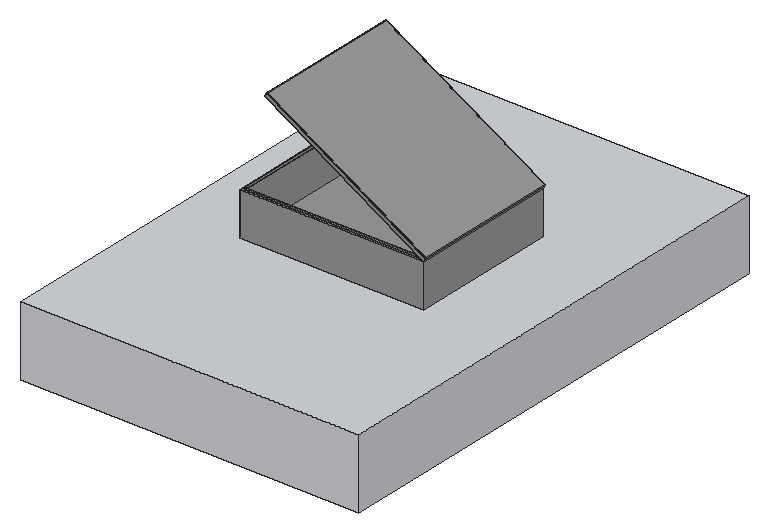
Revit family "Hager-Univers-IP44-D205-H650-Cl.I-Encl-CH-it", category Equipement électrique, Revit 2020
Family settings
  Hôte = Face
  Configuration du panneau = Deux colonnes, circuits au sein
  Cote de connecteur circulaire = Utiliser le diamètre
  Type d'élément = Tableau de raccordement
  Couper avec des vides une fois chargée = Non
  Partagée = Non
  Point de calcul de pièce = Non
Parameters (values of type "A parete IP44 L800 A650 P205  - FP43TN2")
  Width Control [instance] = if([EF000008 - Larghezza] > Min Width, [EF000008 - Larghezza], Min Width)  # 800 mm
  Commentaires du type = [HG000003 - Gamma]  # "Univers"
  Thickness Door [instance] = if([EF009171 - spessore materiale porta/coperchio] > 3 mm, 3 mm, [EF009171 - spessore materiale porta/coperchio])  # 1 mm
  Seal Frame Offset [instance] = 17 mm  # constant formula
  Plinth Visibility [instance] = [HG000027 - Altezza dello zoccolo] > 0 mm  # no
  Model = ""
  Min Width [instance] = 100 mm  # constant formula
  Min Height [instance] = 100 mm  # constant formula
  Min Depth [instance] = (2 * [EF009170 - spessore materiale scatola]) + 1 mm  # 3 mm
  Internal Frame Depth [instance] = (Door System Depth * 0.5)  # 9 mm
  Height Control [instance] = if([EF000040 - Altezza] > Min Height, [EF000040 - Altezza], Min Height)  # 650 mm
  HG000027 - Altezza dello zoccolo = 0 mm
  HG000026 - A pavimento = no
  HG000024 - Altezza della sezione inferiore = 800 mm
  HG000023 - Custodia a doppia sezione = no
  HG000016 - Visibilità delle porte nella vista 3D [instance] = yes
  HG000015 - Visibilità attraverso la porta [instance] = no
  HG000014 - Porta destra [instance] = yes
  HG000013 - Porta sinistra [instance] = not([HG000014 - Porta destra])  # no
  HG000012 - Angolo di apertura della porta [instance] = 30.00°
  HG000010 - Porte asimmetriche = no
  HG000009 - Porta doppia a battente = no
  HG000006 - Ad incasso = no
  HG000004 - Codice produttore = "FP43TN2"
  HG000003 - Gamma = "Univers"
  HG000002 - Con porta = yes
  Frame Offset Bottom [instance] = 10 mm  # constant formula
  Frame Offset [instance] = 15 mm  # constant formula
  EF015940 - Coprire con rilascio di sovrapressione = no
  EF011959 - tipo di protezione (NEMA) = ""
  EF009554 - numero delle aperture per la piastra della flangia = 6
  Fabricant = "Hager"  # constant formula
  EF009212 - esecuzione coperchio = "EV000116 - chiuso"
  EF009171 - spessore materiale porta/coperchio = 1 mm
  EF009170 - spessore materiale scatola = 1 mm
  EF008873 - corrente nominale (In) = 250 A
  EF007800 - adatto per parafulmine = no
  EF006306 - con serratura = no
  EF006244 - coperchio/porta trasparente = no
  EF005474 - grado di protezione (IP) = "EV006418 - IP44"
  EF004464 - tipo di porta = "EV002646 - singolo"
  EF004427 - numero di moduli = 144
  EF004293 - resistenza agli urti = "EV006815 - IK09"
  EF003532 - adatto per uso esterno = no
  EF002950 - Numero moduli DIN = 36
  EF001613 - Integrità del circuito = "EV000494 - senza"
  EF001596 - Attacco Lampada = "EV000179 - acciaio"
  EF001131 - profondità interna = 205 mm
  EF001088 - possibilità di applicazione = yes
  EF000437 - numero di ingressi per conduttori = 6
  EF000339 - tipo di copertura = "EV001012 - coperchio"
  EF000266 - numero di file = 4
  EF000218 - profondità di incasso = 205 mm
  EF000118 - con piastra di montaggio = no
  EF000116 - numero RAL = "9010"
  EF000049 - profondità = 205 mm
  EF000040 - Altezza = 650 mm
  EF000008 - Larghezza = 800 mm
  EF000007 - colore = "EV000202 - bianco"
  EF000003 - Tipo di montaggio = "EV000384 - A parete"
  Door System Leaf Tolerance [instance] = 1.5 mm  # constant formula
  Door System Depth [instance] = 18 mm  # constant formula
  Door Height [instance] = Height Control - [HG000027 - Altezza dello zoccolo]  # 650 mm
  Depth Control [instance] = if([EF000049 - profondità] > Min Depth, [EF000049 - profondità], Min Depth)  # 205 mm
  Default Elevation = 0 mm
  Connector Offset [instance] = Height Control / 2  # 325 mm
  Bottom Top Plate Trim [instance] = 1.5 mm  # constant formula
  Plinth height Ctrl [instance] = if([HG000027 - Altezza dello zoccolo] > 0 mm, [HG000027 - Altezza dello zoccolo], 12 mm)  # 12 mm
Types (9, lengths in mm): name | Width Control | HG000010 - Porte asimmetriche | HG000009 - Porta doppia a battente | HG000004 - Codice produttore | EF009554 - numero delle aperture per la piastra della flangia | EF004464 - tipo di porta | EF004427 - numero di moduli | EF002950 - Numero moduli DIN | EF000437 - numero di ingressi per conduttori | EF000218 - profondità di incasso | EF000008 - Larghezza
  A parete IP44 L1050 A650 P205  - FP44QT | 1050 | no | no | "FP44QT" | 8 | "EV003602 - doppio" | 192 | 48 | 8 | 0 | 1050
  A parete IP44 L1050 A650 P205  - FP44TN2 | 1050 | no | yes | "FP44TN2" | 8 | "EV003602 - doppio" | 192 | 48 | 8 | 205 | 1050
  A parete IP44 L1300 A650 P205  - FP45TN2 | 1300 | yes | yes | "FP45TN2" | 10 | "EV003602 - doppio" | 240 | 60 | 10 | 205 | 1300
  A parete IP44 L300 A650 P205  - FP41QT | 300 | no | no | "FP41QT" | 2 | "EV002646 - singolo" | 48 | 12 | 2 | 0 | 300
  A parete IP44 L300 A650 P205  - FP41TN2 | 300 | no | no | "FP41TN2" | 2 | "EV002646 - singolo" | 48 | 12 | 2 | 205 | 300
  A parete IP44 L550 A650 P205  - FP42QT | 550 | no | no | "FP42QT" | 4 | "EV002646 - singolo" | 96 | 24 | 4 | 0 | 550
  A parete IP44 L550 A650 P205  - FP42TN2 | 550 | no | no | "FP42TN2" | 4 | "EV002646 - singolo" | 96 | 24 | 4 | 205 | 550
  A parete IP44 L800 A650 P205  - FP43QT | 800 | no | no | "FP43QT" | 6 | "EV002646 - singolo" | 144 | 36 | 6 | 0 | 800
  A parete IP44 L800 A650 P205  - FP43TN2 | 800 | no | no | "FP43TN2" | 6 | "EV002646 - singolo" | 144 | 36 | 6 | 205 | 800
Reference planes
  plane 1 "Center (Front/Back)": y = 0
  plane 2: z = 0
  plane 3 "Center (Left/Right)": x = 0
  plane 4: z = 205
  plane 5: y = 1
  plane 6: y = 325
  plane 7: y = 0
  plane 8: y = 650
  plane 9: z = 0
  plane 10: x = -385
  plane 11: x = 385
  plane 12: x = 384
  plane 13: x = -384
  plane 14: y = 649
  plane 15: x = -383
  plane 16: x = -400
  plane 17: x = 383
  plane 18: x = 400
  plane 19: x = 399
  plane 20: x = -399
  plane 21: y = 11
  plane 22: y = 650
  plane 23: y = 634
  plane 24: z = 187
  plane 25: z = 1
  plane 26: z = 186
  plane 27: z = 204
Forms (mm)
  Extrusion 1, solid
    sketch origin (0, 0, 0) x (1, 0, 0) y (0, 1, 0)
      loop
        line (-702.964, 1305) -> (-702.964, -811.445) -> (766.763, -811.445) -> (766.763, 1305) -> (-702.964, 1305)
    from 0 to -304.8
  Extrusion 2, solid, material "Hager_Steel_RAL7035_Light_Grey", visible <- "Plinth Visibility", detail levels medium+fine
    sketch origin (0, 0, 0) x (1, 0, 0) y (0, 1, 0)
      loop
        line (-400, 0) -> (400, 0) -> (400, 12) -> (-400, 12) -> (-400, 0)
    from 0 to 187
  Extrusion 3, solid, material "Hager_Steel_RAL7035_Light_Grey", detail levels medium+fine
    sketch origin (0, 0, 0) x (1, 0, 0) y (0, 1, 0)
      loop
        line (-400, 0) -> (400, 0) -> (400, 650) -> (-400, 650) -> (-400, 0)
    from 0 to 187
  Extrusion 4, void
    sketch origin (0, 0, 0) x (1, 0, 0) y (0, 1, 0)
      loop
        line (-399, 1) -> (399, 1) -> (399, 649) -> (-399, 649) -> (-399, 1)
    from 1 to 186
  Extrusion 5, void
    sketch origin (-381.607, -4572, 187) x (0, -1, 0) y (-1, 0, 0)
      loop
        line (-4583, 2.393) -> (-5206, 2.393) -> (-5206, -765.607) -> (-4583, -765.607) -> (-4583, 2.393)
    from 0 to 1 <- "EF009170 - spessore materiale scatola"
  Extrusion 6, solid, material "Hager_Steel_RAL7035_Light_Grey", detail levels fine
    sketch origin (0, 0, 187) x (1, 0, 0) y (0, 1, 0)
      loop
        line (-384, 634) -> (-384, 11) -> (384, 11) -> (384, 634) -> (-384, 634)
      loop
        line (-385, 10) -> (385, 10) -> (385, 635) -> (-385, 635) -> (-385, 10)
    from 0 to 9 <- "Internal Frame Depth"
  Extrusion 7, solid, material "Hager_Steel_RAL7035_Light_Grey", detail levels coarse
    sketch origin (0, 0, 0) x (1, 0, 0) y (0, 1, 0)
      loop
        line (-400, 0) -> (400, 0) -> (400, 650) -> (-400, 650) -> (-400, 0)
    from 0 to 205
  Sweep 8, void
    path in 3D
      loop
        line (-400, 12, 0) -> (400, 12, 0) -> (400, 12, 187) -> (-400, 12, 187) -> (-400, 12, 0)
    profile origin (-400, 12, 93.5) x (-1, 0, 0) y (0, -1, 0)
      loop
        line (0, 0) -> (0, 1.5) -> (-1.5, 1.5)
        arc (-1.5, 1.5) -> (-1.061, 0.439) -> (0, 0) r 1.5
Cuts and joins
  Extrusion 4, Extrusion 5 cuts Extrusion 3
  Sweep 8 cuts Extrusion 2
Lines and regions (mm)
  Masking region 1
    outline origin (0, 0, 0) x (1, 0, 0) y (0, 0, 1)
      loop
        line (-400, 205) -> (-400, 0) -> (400, 0) -> (400, 205) -> (-400, 205)
  Masking region 2, detail levels medium+fine
    outline origin (0, 140, 0) x (0, 1, 0) y (0, 0, 1)
      loop
        line (-140, 0) -> (510, 0) -> (510, 187) -> (-140, 187) -> (-140, 0)
  Masking region 3, not visible, detail levels medium+fine
    outline origin (0, 297.922, 0) x (0, 1, 0) y (0, 0, 1)
      loop
        line (38.578, 0) -> (78.578, 0) -> (78.578, 194)
        arc (78.578, 194) -> (75.649, 201.071) -> (68.578, 204) r 10
        line (68.578, 204) -> (38.578, 204) -> (38.578, 0)
  Masking region 4, detail levels coarse
    outline origin (0, 0, 180) x (0, 1, 0) y (0, 0, 1)
      loop
        line (0, -180) -> (650, -180) -> (650, 25) -> (0, 25) -> (0, -180)
  Masking region 5, visible <- "Plinth Visibility", detail levels medium+fine
    outline origin (0, 52.24, 12.345) x (0, 0, -1) y (0, 1, 0)
      loop
        line (10.845, -40.24) -> (-173.155, -40.24)
        arc (-173.155, -40.24) -> (-173.594, -41.301) -> (-174.655, -41.74) r 1.5
        line (-174.655, -41.74) -> (-174.655, -52.24) -> (12.345, -52.24) -> (12.345, -41.74)
        arc (12.345, -41.74) -> (11.285, -41.301) -> (10.845, -40.24) r 1.5
  Masking region 6, detail levels medium+fine
    outline origin (-381.607, -4572, 187) x (-1, 0, 0) y (0, -1, 0)
      loop
        line (18.393, -5222) -> (18.393, -4572) -> (-781.607, -4572) -> (-781.607, -5222) -> (18.393, -5222)
  Masking region 7, visible <- "Plinth Visibility", detail levels medium+fine
    outline origin (-381.607, -4727, 187) x (-1, 0, 0) y (0, -1, 0)
      loop
        arc (16.893, -4739) -> (17.332, -4737.939) -> (18.393, -4737.5) r 1.5
        line (18.393, -4737.5) -> (18.393, -4727) -> (-781.607, -4727) -> (-781.607, -4737.5)
        arc (-781.607, -4737.5) -> (-780.546, -4737.939) -> (-780.107, -4739) r 1.5
        line (-780.107, -4739) -> (16.893, -4739)
  Masking region 8, detail levels coarse
    outline origin (-442.548, -4669.526, 187) x (-1, 0, 0) y (0, -1, 0)
      loop
        line (-42.548, -5319.526) -> (-42.548, -4669.526) -> (-842.548, -4669.526) -> (-842.548, -5319.526) -> (-42.548, -5319.526)
  sketch lines
    curve 1: line (-400, 12, 187) -> (-400, 12, 0)
    curve 2: line (400, 12, 187) -> (-400, 12, 187)
    curve 3: line (400, 12, 187) -> (400, 12, 0)
    curve 4: line (-400, 12, 0) -> (400, 12, 0)
Dimensions and locks
  "Depth Control": plane 4 to Extrusion 1
  "HG000027 - Altezza dello zoccolo": plane 1 "Center (Front/Back)" to plane 7
  "EF009170 - spessore materiale scatola": plane 5 to plane 7
  locked: connector elem to plane 3 "Center (Left/Right)"
  equal spacing: plane 8, plane 6, plane 7
  locked: connector elem to plane 6
  "EF009170 - spessore materiale scatola": plane 8 to plane 14
  "EF009170 - spessore materiale scatola": plane 10 to plane 13
  "EF009170 - spessore materiale scatola": plane 12 to plane 11
  "Frame Offset": plane 20 to plane 13
  "Frame Offset": plane 12 to plane 19
  "EF009170 - spessore materiale scatola": plane 16 to plane 20
  "EF009170 - spessore materiale scatola": plane 19 to plane 18
  "Seal Frame Offset": plane 16 to plane 15
  "Seal Frame Offset": plane 17 to plane 18
  "Frame Offset Bottom": plane 21 to plane 5
  "Frame Offset": plane 14 to plane 23
  equal spacing: plane 16, plane 3 "Center (Left/Right)", plane 18
  "Width Control": plane 16 to plane 18
  "EF009170 - spessore materiale scatola": plane 4 to plane 27
  "EF009170 - spessore materiale scatola": plane 24 to plane 26
  "EF009170 - spessore materiale scatola": plane 25 to level
  "Door System Depth": plane 4 to plane 24
  "Height Control": plane 1 "Center (Front/Back)" to Extrusion 7 sketch curve
  "Height Control": Masking region 4 sketch curve to plane 1 "Center (Front/Back)"
  "Height Control": plane 1 "Center (Front/Back)" to plane 22
  "Bottom Top Plate Trim": profile plane to Sweep 8 sketch curve
  "Bottom Top Plate Trim": Sweep 8 sketch curve to profile plane
  "Plinth height Ctrl": plane 1 "Center (Front/Back)" to Extrusion 2 sketch curve
  "Plinth height Ctrl": Masking region 5 sketch curve to plane 1 "Center (Front/Back)"
  "Plinth height Ctrl": plane 1 "Center (Front/Back)" to Masking region 7 sketch curve
  "Thickness Door": Extrusion 6 sketch curve to Extrusion 6 sketch curve  (x3)
  "Thickness Door": cut or joined group of Extrusion 3, Extrusion 4, Extrusion 5 to Extrusion 6 sketch curve
  radius of Masking region 3 sketch curve = 10 mm
  "Bottom Top Plate Trim": radius of Masking region 5 sketch curve  (x2)
  "Bottom Top Plate Trim": radius of Sweep 8 sketch curve
  "Bottom Top Plate Trim": radius of Masking region 7 sketch curve  (x2)
  aligned and locked: plane 2 to Extrusion 1
  aligned and locked: level to Extrusion 1
  aligned and locked: level to Masking region 1 sketch curve
  aligned and locked: Masking region 1 sketch curve to plane 18
  aligned and locked: Masking region 1 sketch curve to plane 16
  aligned and locked: plane 7 to Masking region 2 sketch curve
  aligned and locked: level to Masking region 3 sketch curve
  aligned and locked: Masking region 3 sketch curve to plane 27
  aligned and locked: level to Masking region 2 sketch curve
  aligned and locked: plane 1 "Center (Front/Back)" to Extrusion 2 sketch curve
  aligned and locked: Extrusion 3 sketch curve to plane 7
  aligned and locked: plane 16 to Extrusion 3 sketch curve
  aligned and locked: plane 18 to Extrusion 3 sketch curve
  aligned and locked: plane 20 to Extrusion 4 sketch curve
  aligned and locked: plane 19 to Extrusion 4 sketch curve
  aligned and locked: Extrusion 4 sketch curve to plane 5
  aligned and locked: Extrusion 4 to plane 25
  aligned and locked: plane 26 to Extrusion 4
  aligned and locked: plane 24 to Extrusion 3
  aligned and locked: Extrusion 5 sketch curve to plane 21
  aligned and locked: Extrusion 5 sketch curve to plane 13
  aligned and locked: Extrusion 5 sketch curve to plane 12
  aligned and locked: plane 18 to Extrusion 7 sketch curve
  aligned and locked: plane 1 "Center (Front/Back)" to Extrusion 7 sketch curve
  aligned and locked: plane 16 to Extrusion 7 sketch curve
  aligned and locked: plane 4 to Extrusion 7
  aligned and locked: Extrusion 7 to level
  aligned and locked: level to Masking region 4 sketch curve
  aligned and locked: Masking region 4 sketch curve to plane 1 "Center (Front/Back)"
  aligned and locked: Masking region 4 sketch curve to plane 4
  aligned and locked: nested 1 to level
  aligned and locked: nested 1 to plane 16
  aligned and locked: plane 8 to Extrusion 3 sketch curve
  aligned and locked: plane 23 to Extrusion 5 sketch curve
  aligned and locked: plane 14 to Extrusion 4 sketch curve
  aligned and locked: Masking region 2 sketch curve to plane 8
  aligned and locked: level to Masking region 5 sketch curve
  aligned and locked: plane 16 to Extrusion 2 sketch curve
  aligned and locked: plane 18 to Extrusion 2 sketch curve
  aligned and locked: Masking region 5 sketch curve to plane 24
  aligned and locked: Masking region 2 sketch curve to plane 24
  aligned and locked: plane 24 to Extrusion 2
  aligned and locked: profile plane to Sweep 8 sketch curve  (x2)
  aligned and locked: Masking region 6 sketch curve to plane 18
  aligned and locked: Masking region 6 sketch curve to plane 22
  aligned and locked: Masking region 6 sketch curve to plane 16
  aligned and locked: plane 8 to plane 22
  aligned and locked: Masking region 6 sketch curve to plane 7
  aligned and locked: Masking region 7 sketch curve to plane 16
  aligned and locked: Masking region 7 sketch curve to plane 1 "Center (Front/Back)"
  aligned and locked: Masking region 7 sketch curve to plane 18
  aligned and locked: Masking region 8 sketch curve to plane 1 "Center (Front/Back)"
  aligned and locked: Masking region 8 sketch curve to plane 18
  aligned and locked: Masking region 8 sketch curve to plane 22
  aligned and locked: Masking region 8 sketch curve to plane 16
  aligned and locked: nested 2 to plane 7
  aligned and locked: plane 3 "Center (Left/Right)" to nested 2
  aligned and locked: nested 2 to plane 24
  aligned and locked: Extrusion 6 sketch curve to cut or joined group of Extrusion 3, Extrusion 4, Extrusion 5  (x4)
Automatic sketch dimensions
  Extrusion 1 sketch curve to Extrusion 1 sketch curve = 1469.727 mm
  Extrusion 1 sketch curve to Extrusion 1 sketch curve = 2116.445 mm
  Masking region 1 sketch curve to plane 4 = 0 mm
  plane 6 to Masking region 3 sketch curve = 11.5 mm
  Masking region 3 sketch curve to Masking region 3 sketch curve = 30 mm
  Masking region 5 sketch curve to plane 1 "Center (Front/Back)" = 0 mm
Nested families
  nested 1: "Hager_Enclosure_Symbol" at (-400, 0, 0) x (1, 0, 0) z (0, -1, 0), Height <- "Depth Control", Width <- "Width Control", type "Hager_Enclosure_Symbol"
    with Width_Ctrl 800 mm, Width 800 mm, Height_Ctrl 205 mm, Height 205 mm, A_Width_Int 13.453 mm, A_Width 161.438 mm, A_Height_Ctrl 179.375 mm, A_Height 179.375 mm
  nested 2: "EC000058_Univers_Door" at (0, 0, 187) x (1, 0, 0) z (0, 1, 0), Leaf_Tolerance <- "Door System Leaf Tolerance", Angle <- "HG000012 - Angolo di apertura della porta", Door_Depth <- "Door System Depth", Door_Left <- "HG000013 - Porta sinistra", Transparent <- "EF006244 - coperchio/porta trasparente", Assymetrical <- "HG000010 - Porte asimmetriche", Width <- "Width Control", Clearance <- "HG000015 - Visibilità attraverso la porta", Double <- "HG000009 - Porta doppia a battente", 3d_Door <- "HG000016 - Visibilità delle porte nella vista 3D", Lock_Visibility <- "EF006306 - con serratura", Width_Ctrl <- "Width Control", Door_Right <- "HG000014 - Porta destra", Door <- "HG000002 - Con porta", Height <- "Door Height", Thickness <- "Thickness Door", type "EC000058_Univers_Door", detail levels medium+fine
    with min_wh 3 mm, Width_Ctrl 800 mm, Width 800 mm, Transparent no, Thickness 1 mm, Seal_Material Hager_Rubber, Lock_Visibility no, Lock_Material Hager_Plastic_RAL9005_Jet_Black, Leaf_Width 800 mm, Leaf_Tolerance_External_Sides 0 mm, Leaf_Tolerance 1.5 mm, Leaf_Offset 0 mm, Leaf_Height 647 mm, Leaf_2_Width 800 mm, Leaf_2_Offset 400 mm, Leaf_1_Width 800 mm, Leaf_1_Offset 400 mm, Height_Ctrl 650 mm, Height 650 mm, Glass_Material Hager_Glass, Double_Clearance_Ctrl no, Double no, Door_Right_Ctrl yes, Door_Right yes, Door_Material Hager_Steel_RAL7035_Light_Grey, Door_Left_Ctrl no, Door_Left no, Door_Depth 18 mm, Door yes, Clearance_Material Hager_Clearance, Clearance_Depth 800 mm, Clearance_Ctrl no, Clearance no, Assymetrical no, Angle 30.00°, 3d_Door yes
Connectors
  electrical at (0, 325, 0)
    settings: on plane 9, index 1, voltage 0 V, apparent load 0 VA, apparent load phase1 0 VA, apparent load phase2 0 VA, apparent load phase3 0 VA, power factor 1, load classification "Other", number of poles 1, system type 30, power factor state 1, is connector primary yes, connector utility no, sub classification motor no, connector description ""
Definition of nested family "EC000058_Univers_Door"
  Parameters (values of type "EC000058_Univers_Door")
    min_wh [instance] = (2 * Thickness) + 1 mm  # 11 mm
    Width_Ctrl [instance] = 400 mm
    Width [instance] = 500 mm
    Transparent [instance] = yes
    Thickness [instance] = 5 mm
    Seal_Material [instance] = none
    Lock_Visibility [instance] = yes
    Lock_Material [instance] = none
    Leaf_Width [instance] = if((Width_Ctrl - 2 * Leaf_Tolerance_External_Sides) > 0 mm, (Width_Ctrl - 2 * Leaf_Tolerance_External_Sides), min_wh)  # 400 mm
    Leaf_Tolerance_External_Sides [instance] = 0 mm  # constant formula
    Leaf_Tolerance [instance] = 1.5 mm
    Leaf_Offset [instance] = 0 mm  # constant formula
    Leaf_Height [instance] = if((Height_Ctrl - 2 * Leaf_Tolerance) > 0 mm, (Height_Ctrl - 2 * Leaf_Tolerance), min_wh)  # 497 mm
    Leaf_2_Width [instance] = if(and(and(Double, Assymetrical), Door_Left), (Leaf_Width / 3) - (Leaf_Tolerance / 2), if(and(and(Double, Assymetrical), Door_Right), (Leaf_Width / 3) * 2 - (Leaf_Tolerance / 2), if(and(Double, not(Assymetrical)), (Leaf_Width / 2) - Leaf_Tolerance, Leaf_Width)))  # 400 mm
    Leaf_2_Offset [instance] = if(and(Double, Assymetrical), Leaf_2_Width / 2, if(and(Double, not(Assymetrical)), Leaf_Width / 4, Leaf_Width / 2))  # 200 mm
    Leaf_1_Width [instance] = if(and(and(Double, Assymetrical), Door_Right), (Leaf_Width / 3) - (Leaf_Tolerance / 2), if(and(and(Double, Assymetrical), Door_Left), (Width / 3) * 2 - (Leaf_Tolerance / 2), if(and(Double, not(Assymetrical)), (Leaf_Width / 2) - Leaf_Tolerance, Leaf_Width)))  # 400 mm
    Leaf_1_Offset [instance] = if(and(Double, Assymetrical), Leaf_1_Width / 2, if(and(Double, not(Assymetrical)), Leaf_Width / 4, Leaf_Width / 2))  # 200 mm
    Height_Ctrl [instance] = if(Height > min_wh, Height, min_wh)  # 500 mm
    Height [instance] = 500 mm
    Glass_Material [instance] = none
    Double_Clearance_Ctrl [instance] = and(Double, Clearance)  # no
    Double [instance] = no
    Door_Right_Ctrl [instance] = and(or(Door_Right, Double), Door)  # yes
    Door_Right [instance] = yes
    Door_Material [instance] = none
    Door_Left_Ctrl [instance] = and(or(Door_Left, Double), Door)  # no
    Door_Left [instance] = no
    Door_Depth [instance] = 30 mm
    Door [instance] = yes
    Default Elevation = 1219.2 mm
    Clearance_Material [instance] = none
    Clearance_Depth [instance] = if(Leaf_1_Width > Leaf_2_Width, Leaf_1_Width, Leaf_2_Width)  # 400 mm
    Clearance_Ctrl [instance] = and(not(Double), Clearance)  # yes
    Clearance [instance] = yes
    Assymetrical [instance] = yes
    Angle [instance] = 30.00°
    3d_Door [instance] = yes
  Reference planes
    plane 1 "Center (Front/Back)": y = 0
    plane 2 "Bottom": z = 0
    plane 3 "Center (Left/Right)": x = 0
    plane 4: z = 500
    plane 5: x = -200
    plane 6: x = 200
    plane 7: z = 500
    plane 8: x = -200
    plane 9: z = 0
    plane 10: x = 200
    plane 11: y = 0
    plane 12: z = 1.5
    plane 13: x = -600
    plane 14: y = -400
    plane 15: x = 600
    plane 16: x = 0
    plane 17: x = 0
    plane 18: x = -200
    plane 19: x = 200
    plane 20: z = 498.5
  Forms (mm)
    Extrusion 1, solid, material <- "Clearance_Material", visible <- "Double_Clearance_Ctrl"
      sketch origin (1200, 0, 0) x (1, 0, 0) y (0, 0, -1)
        loop
          line (-1800, -498.5) -> (-600, -498.5) -> (-600, 0) -> (-1800, 0) -> (-1800, -498.5)
      from 0 to -400
  Dimensions and locks
    equal spacing: plane 5, plane 3 "Center (Left/Right)", plane 6
    "Width_Ctrl": plane 5 to plane 6
    "Leaf_Offset": plane 5 to plane 8
    "Leaf_Offset": plane 6 to plane 10
    "Leaf_Offset": plane 9 to level
    "Leaf_Offset": plane 4 to plane 7
    "Height_Ctrl": plane 4 to level
    "Leaf_Tolerance": plane 12 to plane 9
    locked: plane 11 to plane 1 "Center (Front/Back)"
    "Leaf_1_Offset": plane 18 to plane 16
    "Leaf_2_Offset": plane 17 to plane 19
    "Leaf_1_Width": plane 13 to plane 8
    "Leaf_2_Width": plane 10 to plane 15
    "Clearance_Depth": plane 14 to plane 1 "Center (Front/Back)"
    "Leaf_Tolerance_External_Sides": plane 8 to plane 18
    "Leaf_Tolerance_External_Sides": plane 19 to plane 10
    "Leaf_Tolerance": plane 7 to plane 20
    aligned and locked: level to plane 2 "Bottom"
    aligned and locked: nested 1 to plane 16
    aligned and locked: nested 2 to plane 17
    aligned and locked: Extrusion 1 to plane 13
    aligned and locked: plane 15 to Extrusion 1
    aligned and locked: Extrusion 1 to plane 14
    aligned and locked: plane 12 to nested 1
    aligned and locked: nested 2 to plane 12
    aligned and locked: Extrusion 1 to plane 11
    aligned and locked: plane 20 to Extrusion 1
    aligned and locked: nested 2 to plane 11
    aligned and locked: nested 1 to plane 11
  Automatic sketch dimensions
    Extrusion 1 sketch curve to level = 0 mm
    plane 5 to Extrusion 1 sketch curve = 400 mm
    plane 6 to Extrusion 1 sketch curve = 400 mm
    Extrusion 1 sketch curve to plane 4 = 1.5 mm
  Nested families
    nested 1: "EC000058_Univers_Door_Leaf" at (0, 0, 1.5), Width <- "Leaf_1_Width", visible <- "Door_Left_Ctrl", Leaf_Height <- "Leaf_Height", Angle <- "Angle", 3d_Door <- "3d_Door", Transparent <- "Transparent", Clearance Material <- "Clearance_Material", Clearance <- "Clearance_Ctrl", Door_Material <- "Door_Material", Glass_Material <- "Glass_Material", Door_Depth <- "Door_Depth", Lock_Material <- "Lock_Material", Seal_Material <- "Seal_Material", Lock_Visibility <- "Lock_Visibility", Thickness <- "Thickness", type "EC000058_Univers_Door_Leaf"
      with Width 400 mm, Transparent_Glass_Offset 30 mm, Transparent_Ctrl yes, Transparent yes, Thickness 5 mm, Standard no, Seal_Material none, Seal_D2 8 mm, Seal_D1 1 mm, Offset_Internal_Frame 10 mm, Lock_Width 20 mm, Lock_Visibility_3d yes, Lock_Visibility yes, Lock_Thickness_3 3 mm, Lock_Thickness_2 1 mm, Lock_Thickness_1 3 mm, Lock_Radius_Offset_2 16 mm, Lock_Radius_Offset_1 15 mm, Lock_Radius_2 5 mm, Lock_Radius 6 mm, Lock_Offset 5 mm, Lock_Material none, Lock_Height 80 mm, Lock_Cover_Top_Offset_2d 17 mm, Lock_Cover_Height -65 mm, Leaf_Height 497 mm, Internal_Seal_Thickness 8 mm, Internal_Seal_Depth_2 4.5 mm, Internal_Frame_Depth 25 mm, Glass_Thickness -1 mm, Glass_Offset -2 mm, Glass_Material none, Door_Material none, Door_Depth 30 mm, Clearance Material none, Clearance yes, Angle_Ctrl 30.00°, Angle 30.00°, 3d_Door yes
    nested 2: "EC000058_Univers_Door_Leaf" at (0, 0, 1.5) x (-1, 0, 0) z (0, 0, 1), Width <- "Leaf_2_Width", visible <- "Door_Right_Ctrl", Leaf_Height <- "Leaf_Height", Angle <- "Angle", 3d_Door <- "3d_Door", Transparent <- "Transparent", Clearance Material <- "Clearance_Material", Clearance <- "Clearance_Ctrl", Door_Material <- "Door_Material", Glass_Material <- "Glass_Material", Door_Depth <- "Door_Depth", Lock_Material <- "Lock_Material", Seal_Material <- "Seal_Material", Lock_Visibility <- "Lock_Visibility", Thickness <- "Thickness", type "EC000058_Univers_Door_Leaf"
      with Width 400 mm, Transparent_Glass_Offset 30 mm, Transparent_Ctrl yes, Transparent yes, Thickness 5 mm, Standard no, Seal_Material none, Seal_D2 8 mm, Seal_D1 1 mm, Offset_Internal_Frame 10 mm, Lock_Width 20 mm, Lock_Visibility_3d yes, Lock_Visibility yes, Lock_Thickness_3 3 mm, Lock_Thickness_2 1 mm, Lock_Thickness_1 3 mm, Lock_Radius_Offset_2 16 mm, Lock_Radius_Offset_1 15 mm, Lock_Radius_2 5 mm, Lock_Radius 6 mm, Lock_Offset 5 mm, Lock_Material none, Lock_Height 80 mm, Lock_Cover_Top_Offset_2d 17 mm, Lock_Cover_Height -65 mm, Leaf_Height 497 mm, Internal_Seal_Thickness 8 mm, Internal_Seal_Depth_2 4.5 mm, Internal_Frame_Depth 25 mm, Glass_Thickness -1 mm, Glass_Offset -2 mm, Glass_Material none, Door_Material none, Door_Depth 30 mm, Clearance Material none, Clearance yes, Angle_Ctrl 30.00°, Angle 30.00°, 3d_Door yes
  Definition of nested family "EC000058_Univers_Door_Leaf"
    Parameters (values of type "EC000058_Univers_Door_Leaf")
      Width [instance] = 2000 mm
      Transparent_Glass_Offset [instance] = 30 mm
      Transparent_Ctrl [instance] = and(Transparent, [3d_Door])  # yes
      Transparent [instance] = yes
      Thickness [instance] = 5 mm
      Standard [instance] = and(not(Transparent), [3d_Door])  # no
      Seal_Material [instance] = none
      Seal_D2 [instance] = 8 mm  # constant formula
      Seal_D1 [instance] = 1 mm  # constant formula
      Offset_Internal_Frame [instance] = 10 mm  # constant formula
      Lock_Width [instance] = 20 mm  # constant formula
      Lock_Visibility_3d [instance] = and(Lock_Visibility, [3d_Door])  # yes
      Lock_Visibility [instance] = yes
      Lock_Thickness_3 [instance] = 3 mm  # constant formula
      Lock_Thickness_2 [instance] = 1 mm  # constant formula
      Lock_Thickness_1 [instance] = 3 mm  # constant formula
      Lock_Radius_Offset_2 [instance] = Lock_Radius_Offset_1 + 1 mm  # 16 mm
      Lock_Radius_Offset_1 [instance] = 15 mm  # constant formula
      Lock_Radius_2 [instance] = Lock_Radius - 1 mm  # 5 mm
      Lock_Radius [instance] = 6 mm  # constant formula
      Lock_Offset [instance] = 5 mm  # constant formula
      Lock_Material [instance] = none
      Lock_Height [instance] = 80 mm  # constant formula
      Lock_Cover_Top_Offset_2d [instance] = Lock_Radius_Offset_2 + 1 mm  # 17 mm
      Lock_Cover_Height [instance] = -(Lock_Height - Lock_Radius_Offset_1)  # -65 mm
      Leaf_Height [instance] = 2720.336 mm
      Internal_Seal_Thickness [instance] = 8 mm  # constant formula
      Internal_Seal_Depth_2 [instance] = 4.5 mm  # constant formula
      Internal_Frame_Depth [instance] = if(Door_Depth - Thickness > 5 mm, Door_Depth - Thickness, 5 mm)  # 25 mm
      Glass_Thickness [instance] = if(Thickness > 15 mm, Glass_Offset + 10 mm, -1 mm)  # -1 mm
      Glass_Offset [instance] = if(Thickness > 15 mm, -(Thickness + 10 mm) / 2, -2 mm)  # -2 mm
      Glass_Material [instance] = none
      Door_Material [instance] = none
      Door_Depth [instance] = 30 mm
      Default Elevation = 0 mm
      Clearance Material [instance] = none
      Clearance [instance] = yes
      Angle_Ctrl [instance] = if(Angle > 180.00°, 180.00°, Angle)  # 90.00°
      Angle [instance] = 90.00°
      3d_Door [instance] = yes
    Reference planes
      plane 1 "Center (Front/Back)": y = 0
      plane 2: z = 0
      plane 3 "Center (Left/Right)": x = 0
      plane 4: y = 2000
      plane 5: x = -1000
      plane 6: x = 1000
      plane 7: x = -3000
      plane 8: z = 2720.336
      plane 9: z = 30
      plane 10: z = 2690.336
      plane 11: x = 970
      plane 12: x = -970
      plane 13: y = -3
      plane 14: z = 107.833
      plane 15: y = -5
      plane 16: y = -223.314
      plane 17: x = -1000
      plane 18: z = 1360.168
      plane 19: y = 30
    Forms (mm)
      Extrusion 1, solid, material <- "Clearance Material", visible <- "Clearance"
        sketch origin (0, 0, 0) x (1, 0, 0) y (0, 0, 1)
          loop
            line (-3000, 2720.336) -> (-3000, 0) -> (1000, 0) -> (1000, 2720.336) -> (-3000, 2720.336)
        from 0 to -2000
      Extrusion 2, solid, material <- "Door_Material", visible <- "Standard", detail levels medium+fine
        sketch origin (-1000, 0, 0) x (0, 1, 0) y (-1, 0, 0)
          loop
            line (0, 30) -> (0, 25) -> (2000, 25) -> (2000, 30) -> (0, 30)
        from 0 to 2720.336 <- "Leaf_Height"
      Extrusion 3, solid, material <- "Door_Material", visible <- "Transparent_Ctrl", detail levels medium+fine
        sketch origin (-1000, 0, 0) x (0, 1, 0) y (-1, 0, 0)
          loop
            line (0, 25) -> (2000, 25) -> (2000, 30) -> (0, 30) -> (0, 25)
        from 0 to 2720.336 <- "Leaf_Height"
      Extrusion 4, void
        sketch origin (-1025, 2000, 0) x (0, 1, 0) y (0, 0, -1)
          loop
            line (-30, -2690.336) -> (-30, -30) -> (-1970, -30) -> (-1970, -2690.336) -> (-30, -2690.336)
        from 0 to 5 <- "Thickness"
      Sweep 5, solid, material <- "Seal_Material", visible <- "Transparent_Ctrl", detail levels fine
        path in 3D
          loop
            line (-1025, 30, 30) -> (-1025, 30, 2690.336) -> (-1025, 1970, 2690.336) -> (-1025, 1970, 30) -> (-1025, 30, 30)
        profile origin (-1025, 1000, 30) x (1, 0, 0) y (0, 0, 1)
          loop
            line (0, 0) -> (0, -8) -> (1, -8) -> (1, 0) -> (0, 0)
      Extrusion 6, solid, material <- "Glass_Material", visible <- "Transparent_Ctrl", detail levels medium+fine
        sketch origin (-1030, 0, 0) x (0, 1, 0) y (0, 0, -1)
          loop
            line (1970, -2690.336) -> (1970, -30) -> (30, -30) -> (30, -2690.336) -> (1970, -2690.336)
        from -2 <- "Glass_Offset" to -1 <- "Glass_Thickness"
      Extrusion 7, solid, material <- "Door_Material", visible <- "3d_Door", detail levels medium+fine
        sketch origin (-1025, 2000, 0) x (0, -1, 0) y (0, 0, -1)
          loop
            line (0, -2720.336) -> (2000, -2720.336) -> (2000, 0) -> (0, 0) -> (0, -2720.336)
          loop
            line (1995, -5) -> (5, -5) -> (5, -2715.336) -> (1995, -2715.336) -> (1995, -5)
        from 0 to 25 <- "Internal_Frame_Depth"
      Sweep 8, solid, material <- "Seal_Material", visible <- "Transparent_Ctrl", detail levels fine
        path in 3D
          loop
            line (-1025, 0, 0) -> (-1025, 2000, 0) -> (-1025, 2000, 2720.336) -> (-1025, 0, 2720.336) -> (-1025, 0, 0)
        profile origin (-1025, 0, 1360.168) x (1, 0, 0) y (0, 1, 0)
          loop
            line (0, 10) -> (2.975, 10)
            arc (2.975, 10) -> (4.053, 10.447) -> (4.5, 11.525) r 1.525
            line (4.5, 11.525) -> (4.5, 16.527)
            arc (4.5, 16.527) -> (4.069, 17.569) -> (3.027, 18) r 1.473
            line (3.027, 18) -> (0, 18) -> (0, 10)
      Extrusion 9, solid, material <- "Lock_Material", visible <- "Lock_Visibility_3d", detail levels fine
        sketch origin (-1030, 0, 0) x (0, 1, 0) y (0, 0, -1)
          loop
            arc (1993.5, -1400.168) -> (1994.561, -1399.729) -> (1995, -1398.668) r 1.5
            line (1995, -1398.668) -> (1995, -1320.168) -> (1975, -1320.168) -> (1975, -1398.668)
            arc (1975, -1398.668) -> (1975.439, -1399.729) -> (1976.5, -1400.168) r 1.5
            line (1976.5, -1400.168) -> (1993.5, -1400.168)
        from 3 <- "Lock_Thickness_1" to 0
      Blend 10, solid, material <- "Lock_Material", visible <- "Lock_Visibility_3d", detail levels fine
        base sketch origin (-1033, 0, 0) x (0, 1, 0) y (0, 0, -1)
          loop
            line (1975, -1320.168) -> (1975, -1398.668)
            arc (1975, -1398.668) -> (1975.439, -1399.729) -> (1976.5, -1400.168) r 1.5
            line (1976.5, -1400.168) -> (1993.5, -1400.168)
            arc (1993.5, -1400.168) -> (1994.561, -1399.729) -> (1995, -1398.668) r 1.5
            line (1995, -1398.668) -> (1995, -1320.168) -> (1975, -1320.168)
        top sketch origin (-1033, 0, 0) x (0, 1, 0) y (0, 0, -1)
          loop
            line (1976, -1320.168) -> (1976, -1398.668)
            arc (1976, -1398.668) -> (1976.146, -1399.022) -> (1976.5, -1399.168) r 0.5
            line (1976.5, -1399.168) -> (1993.5, -1399.168)
            arc (1993.5, -1399.168) -> (1993.854, -1399.022) -> (1994, -1398.668) r 0.5
            line (1994, -1398.668) -> (1994, -1320.168) -> (1976, -1320.168)
        from 0 to 1 <- "Lock_Thickness_2"
      Blend 11, solid, material <- "Lock_Material", visible <- "Lock_Visibility_3d", detail levels fine
        base sketch origin (-1034, 0, 0) x (0, 1, 0) y (0, 0, -1)
          loop
            line (1978, -1320.168) -> (1978, -1384.168)
            arc (1978, -1384.168) -> (1985, -1391.168) -> (1992, -1384.168) r 7
            line (1992, -1384.168) -> (1992, -1320.168) -> (1978, -1320.168)
        top sketch origin (-1034, 0, 0) x (0, 1, 0) y (0, 0, -1)
          loop
            line (1991, -1320.168) -> (1979, -1320.168) -> (1979, -1383.168)
            arc (1979, -1383.168) -> (1985, -1389.168) -> (1991, -1383.168) r 6
            line (1991, -1383.168) -> (1991, -1320.168)
        from 0 to 3 <- "Lock_Thickness_3"
      Extrusion 12, solid, material <- "Lock_Material", visible <- "Lock_Visibility_3d", detail levels fine
        sketch origin (-1030, 1975, 1320.168) x (1, 0, 0) y (0, -1, 0)
          loop
            line (-7, -19) -> (-7, -1) -> (0, -1) -> (0, 0) -> (-8, 0) -> (-8, -20) -> (0, -20) -> (0, -19) -> (-7, -19)
        from 0 to -65 <- "Lock_Cover_Height"
      Extrusion 13, void
        sketch origin (-1038, 1995, 1320.168) x (-1, 0, 0) y (0, 0, -1)
          loop
            line (-5, -65) -> (0, -65) -> (-5, -60) -> (-5, -65)
        from 0 to 20 <- "Lock_Width"
      Extrusion 14, void
        sketch origin (-1038, 1975, 1320.168) x (0, -1, 0) y (0, 0, -1)
          loop
            circle (-10, -15.995) r 6
          loop
            circle (-10, -15.995) r 5
        from 0 to 2
      Extrusion 15, solid, material <- "Lock_Material", visible <- "Lock_Visibility_3d", detail levels medium
        sketch origin (-1030, 0, 0) x (0, 1, 0) y (0, 0, -1)
          loop
            arc (1993.5, -1400.168) -> (1994.561, -1399.729) -> (1995, -1398.668) r 1.5
            line (1995, -1398.668) -> (1995, -1320.168) -> (1975, -1320.168) -> (1975, -1398.668)
            arc (1975, -1398.668) -> (1975.439, -1399.729) -> (1976.5, -1400.168) r 1.5
            line (1976.5, -1400.168) -> (1993.5, -1400.168)
        from 8 to 0
    Cuts and joins
      Extrusion 4 cuts Extrusion 3
      Extrusion 13, Extrusion 14 cuts Extrusion 9
      Extrusion 14 cuts Blend 11
      Extrusion 13, Extrusion 14 cuts Extrusion 12
      joined: Extrusion 9, Blend 10, Blend 11, Extrusion 12
      Extrusion 14 cuts Extrusion 15
    Lines and regions (mm)
      Masking region 1, visible <- "Lock_Visibility", detail levels fine
        outline origin (0, 0, 0) x (0, 1, 0) y (0, 0, 1)
          loop
            line (30, 1320.168) -> (33, 1320.168) -> (33, 1400.168) -> (30, 1400.168) -> (30, 1320.168)
      Masking region 2, visible <- "Lock_Visibility", detail levels fine
        outline origin (0, 3.143, 0) x (0, 1, 0) y (0, 0, 1)
          loop
            line (29.857, 1354.168) -> (30.857, 1354.168) -> (30.857, 1366.168) -> (29.857, 1366.168) -> (29.857, 1354.168)
      Masking region 3, detail levels medium+fine
        outline origin (0, 0, 0) x (0, 1, 0) y (0, 0, 1)
          loop
            line (0, 0) -> (30, 0) -> (30, 2720.336) -> (0, 2720.336) -> (0, 0)
      Masking region 4, detail levels medium+fine
        outline origin (0, 0, 0) x (1, 0, 0) y (0, 0, 1)
          loop
            line (-1000, 2720.336) -> (-1000, 0) -> (1000, 0) -> (1000, 2720.336) -> (-1000, 2720.336)
      Masking region 5, visible <- "Lock_Visibility", detail levels fine
        outline origin (-47.116, 0, 0) x (1, 0, 0) y (0, 0, 1)
          loop
            arc (1024.616, 1399.168) -> (1023.556, 1398.729) -> (1023.116, 1397.668) r 1.5
            line (1023.116, 1397.668) -> (1023.116, 1320.168) -> (1041.116, 1320.168) -> (1041.116, 1397.668)
            arc (1041.116, 1397.668) -> (1040.677, 1398.729) -> (1039.616, 1399.168) r 1.5
            line (1039.616, 1399.168) -> (1024.616, 1399.168)
      Masking region 6, visible <- "Lock_Visibility", detail levels medium+fine
        outline origin (-25, 0, 0) x (1, 0, 0) y (0, 0, 1)
          loop
            arc (1001.5, 1400.168) -> (1000.439, 1399.729) -> (1000, 1398.668) r 1.5
            line (1000, 1398.668) -> (1000, 1320.168) -> (1020, 1320.168) -> (1020, 1398.668)
            arc (1020, 1398.668) -> (1019.561, 1399.729) -> (1018.5, 1400.168) r 1.5
            line (1018.5, 1400.168) -> (1001.5, 1400.168)
      Masking region 7, visible <- "Lock_Visibility", detail levels fine
        outline origin (-73.735, 0, 0) x (1, 0, 0) y (0, 0, 1)
          loop
            line (1051.735, 1382.168) -> (1065.735, 1382.168) -> (1065.735, 1384.168)
            arc (1065.735, 1384.168) -> (1058.735, 1391.168) -> (1051.735, 1384.168) r 7
            line (1051.735, 1384.168) -> (1051.735, 1382.168)
      Masking region 8, visible <- "Lock_Visibility", detail levels fine
        outline origin (-73.735, 0, 0) x (1, 0, 0) y (0, 0, 1)
          loop
            line (1052.735, 1382.168) -> (1064.735, 1382.168) -> (1064.735, 1383.168)
            arc (1064.735, 1383.168) -> (1058.735, 1389.168) -> (1052.735, 1383.168) r 6
            line (1052.735, 1383.168) -> (1052.735, 1382.168)
      Masking region 9, visible <- "Lock_Visibility", detail levels fine
        outline origin (-25, 0, 0) x (1, 0, 0) y (0, 0, 1)
          loop
            line (1020, 1320.168) -> (1020, 1382.168) -> (1000, 1382.168) -> (1000, 1320.168) -> (1020, 1320.168)
      Masking region 10, detail levels medium+fine
        outline origin (0, 0, 0) x (1, 0, 0) y (0, 0, 1)
          loop
            circle (985, 1335.144) r 6
      Masking region 11, detail levels fine
        outline origin (0, 0, 0) x (1, 0, 0) y (0, 0, 1)
          loop
            circle (985, 1335.144) r 5
      Masking region 12, visible <- "Lock_Visibility", detail levels fine
        outline origin (0, 12.767, 0) x (0, 1, 0) y (0, 0, 1)
          loop
            line (20.233, 1320.168) -> (21.233, 1320.168) -> (21.233, 1399.168) -> (20.233, 1400.168) -> (20.233, 1320.168)
      Masking region 13, visible <- "Lock_Visibility", detail levels fine
        outline origin (0, 13.767, -10) x (0, 1, 0) y (0, 0, 1)
          loop
            line (20.233, 1330.168) -> (23.233, 1330.168) -> (23.233, 1399.168) -> (20.233, 1402.168) -> (20.233, 1330.168)
      Masking region 14, visible <- "Lock_Visibility", detail levels fine
        outline origin (0, 12.767, -10) x (0, 1, 0) y (0, 0, 1)
          loop
            line (20.233, 1330.168) -> (25.233, 1330.168) -> (25.233, 1399.305) -> (20.233, 1394.305) -> (20.233, 1330.168)
      Masking region 15, visible <- "Lock_Visibility", detail levels medium
        outline origin (0, 0, 0) x (0, 1, 0) y (0, 0, 1)
          loop
            line (30, 1320.168) -> (38, 1320.168) -> (38, 1400.168) -> (30, 1400.168) -> (30, 1320.168)
      Masking region 16, visible <- "Lock_Visibility", detail levels fine
        outline origin (-1000, 0, 0) x (0, 1, 0) y (-1, 0, 0)
          loop
            line (1975, 30) -> (1995, 30) -> (1995, 38) -> (1975, 38) -> (1975, 30)
          loop
            line (1979, 37) -> (1976, 37) -> (1976, 34) -> (1978, 34) -> (1979, 37)
          loop
            line (1994, 37) -> (1991, 37) -> (1992, 34) -> (1994, 34) -> (1994, 37)
      Masking region 17, visible <- "Lock_Visibility", detail levels medium
        outline origin (-1000, 0, 0) x (0, 1, 0) y (-1, 0, 0)
          loop
            line (1975, 30) -> (1995, 30) -> (1995, 38) -> (1975, 38) -> (1975, 30)
      symbolic lines
        curve 1: line (1000, 0, 0) -> (-3000, 0, 0)
        curve 2: arc (1000, 0, 0) -> (-1000, 2000, 0) -> (-3000, 0, 0) r 2000
        curve 4: line (-1030, 0, 0) -> (-1030, 2000, 0)
      reference lines
        curve 3: line (-1000, 0, 0) -> (-1000, 2000, 0)
      symbolic lines, detail levels medium+fine
        curve 5: line (-1030, 2000, 0) -> (-1025, 2000, 0)
        curve 7: line (-1025, 0, 0) -> (-1030, 0, 0)
        curve 8: line (-1025, 0, 0) -> (-1000, 0, 0)
        curve 9: line (-1000, 0, 0) -> (-1000, 2000, 0)
        curve 10: line (-1000, 2000, 0) -> (-1025, 2000, 0)
      symbolic lines, detail levels fine
        curve 6: line (-1025, 2000, 0) -> (-1025, 0, 0)
      sketch lines
        curve 11: line (-1025, 0, 2720.336) -> (-1025, 0, 0)
        curve 12: line (-1025, 2000, 0) -> (-1025, 0, 0)
        curve 13: line (-1025, 2000, 2720.336) -> (-1025, 2000, 0)
        curve 14: line (-1025, 0, 2720.336) -> (-1025, 2000, 2720.336)
        curve 15: line (-1025, 1970, 30) -> (-1025, 30, 30)
        curve 16: line (-1025, 30, 30) -> (-1025, 30, 2690.336)
        curve 17: line (-1025, 1970, 2690.336) -> (-1025, 1970, 30)
        curve 18: line (-1025, 30, 2690.336) -> (-1025, 1970, 2690.336)
      symbolic lines, visible <- "Transparent", detail levels medium+fine
        curve 19: line (-970, 0, 2690.336) -> (970, 0, 2690.336)
        curve 20: line (-970, 0, 30) -> (-970, 0, 2690.336)
        curve 21: line (970, 0, 30) -> (-970, 0, 30)
        curve 22: line (970, 0, 2690.336) -> (970, 0, 30)
    Dimensions and locks
      "Width": plane 1 "Center (Front/Back)" to plane 4
      equal spacing: plane 5, plane 3 "Center (Left/Right)", plane 6
      "Width": plane 5 to plane 6
      "Width": plane 7 to plane 5
      "Leaf_Height": plane 8 to level
      "Width": curve 5 to curve 3
      "Width": curve 3 to curve 3
      plane 8 to plane 10 = 30 mm
      plane 9 to level = 30 mm
      plane 12 to plane 5 = 30 mm
      plane 6 to plane 11 = 30 mm
      Extrusion 1 to Extrusion 4 sketch curve = 30 mm
      "Transparent_Glass_Offset": curve 3 to Extrusion 4 sketch curve
      "Transparent_Glass_Offset": Extrusion 4 sketch curve to cut or joined group of Extrusion 3, Extrusion 4  (x2)
      cut or joined group of Extrusion 3, Extrusion 4 to Extrusion 6 sketch curve = 30 mm
      "Transparent_Glass_Offset": cut or joined group of Extrusion 3, Extrusion 4 to Extrusion 4 sketch curve
      "Thickness": curve 6 to curve 4
      "Thickness": Extrusion 7 sketch curve to Extrusion 7 sketch curve  (x4)
      "Door_Depth": curve 4 to curve 3
      "Offset_Internal_Frame": profile plane to Sweep 8 sketch curve
      "Internal_Seal_Thickness": Sweep 8 sketch curve to Sweep 8 sketch curve
      "Internal_Seal_Depth_2": profile plane to Sweep 8 sketch curve
      "Seal_D1": profile plane to Sweep 5 sketch curve
      "Seal_D2": profile plane to Sweep 5 sketch curve
      "Thickness": Extrusion 2 sketch curve to Extrusion 2 sketch curve
      equal spacing: Extrusion 9 sketch curve, plane 18, Extrusion 9 sketch curve  (x2)
      equal spacing: Masking region 1 sketch curve, plane 18, Masking region 1 sketch curve
      "Lock_Height": Masking region 1 sketch curve to Masking region 1 sketch curve
      "Lock_Radius": Masking region 2 sketch curve to plane 18 to Masking region 2 sketch curve
      Masking region 2 sketch curve to Masking region 1 = 1 mm
      "Door_Depth": plane 19 to plane 1 "Center (Front/Back)"
      "Lock_Thickness_1": Masking region 1 sketch curve to plane 19
      "Lock_Width": Extrusion 9 sketch curve to Extrusion 9 sketch curve
      "Lock_Height": Extrusion 9 sketch curve to Extrusion 9 sketch curve
      "Lock_Offset": cut or joined group of Extrusion 3, Extrusion 4 to Extrusion 9 sketch curve
      equal spacing: plane 8, plane 18, level
      "Lock_Radius_Offset_1": Blend 11 sketch curve to Blend 10
      locked: Blend 10 to Blend 11 sketch curve at 2  (x2)
      locked: var sketch to Blend 11 sketch curve at 1  (x2)
      "Lock_Radius_Offset_2": Blend 11 sketch curve to Blend 10
      locked: Extrusion 12 sketch curve to Extrusion 12 sketch curve at 1  (x3)
      Masking region 6 sketch curve to Masking region 6 sketch curve = 80 mm
      "Lock_Height": Masking region 6 sketch curve to Masking region 6 sketch curve
      "Lock_Width": Masking region 6 sketch curve to Masking region 6 sketch curve
      locked: Masking region 6 to Masking region 5 sketch curve at 1  (x3)
      locked: Masking region 5 to Masking region 7 sketch curve at 2  (x2)
      "Lock_Radius_Offset_1": Masking region 5 to Masking region 7 sketch curve
      "Lock_Radius_Offset_2": Masking region 5 to Masking region 8 sketch curve
      locked: Masking region 7 to Masking region 8 sketch curve at 1  (x2)
      "Lock_Cover_Top_Offset_2d": Masking region 5 to Masking region 9 sketch curve
      equal spacing: Masking region 9, Masking region 10 sketch curve, Masking region 9
      equal spacing: Masking region 9, Masking region 11 sketch curve, Masking region 9
      Extrusion 15 sketch curve to Extrusion 15 sketch curve = 80 mm
      "Lock_Width": Extrusion 15 sketch curve to Extrusion 15 sketch curve
      "Lock_Height": Extrusion 15 sketch curve to Extrusion 15 sketch curve
      equal spacing: Extrusion 15 sketch curve, plane 18, Extrusion 15 sketch curve
      "Lock_Thickness_3": Masking region 13 sketch curve to Masking region 13 sketch curve
      "Lock_Height": Masking region 12 sketch curve to Masking region 12 sketch curve
      locked: Masking region 13 sketch curve to Masking region 1 at 8
      locked: Masking region 14 sketch curve to Masking region 13 at 1
      locked: Masking region 14 sketch curve to Masking region 1 at 10.863
      "Lock_Height": Masking region 15 sketch curve to Masking region 15 sketch curve
      "Lock_Offset": Extrusion 15 sketch curve to cut or joined group of Extrusion 3, Extrusion 4
      "Lock_Offset": plane 6 to Masking region 6 sketch curve
      radius of Sweep 8 sketch curve = 1.525 mm
      radius of Sweep 8 sketch curve = 1.473 mm
      radius of Extrusion 9 sketch curve = 1.5 mm  (x2)
      "Lock_Radius": radius of Extrusion 14 sketch curve
      "Lock_Radius_2": radius of Extrusion 14 sketch curve
      "Lock_Radius": radius of Masking region 10 sketch curve
      "Lock_Radius_2": radius of Masking region 11 sketch curve
      radius of Extrusion 15 sketch curve = 1.5 mm  (x2)
      "Angle_Ctrl": angle plane 1 "Center (Front/Back)" to curve 3
      locked: Masking region 12 sketch curve to Masking region 12 sketch curve (angle 45.00°)
      locked: Masking region 13 sketch curve to Masking region 13 sketch curve (angle 45.00°)
      locked: Masking region 14 sketch curve to Masking region 14 sketch curve (angle 45.00°)
      aligned and locked: level to plane 2
      aligned and locked: Extrusion 1 to curve 1
      aligned and locked: plane 6 to Extrusion 1
      aligned and locked: Extrusion 1 to plane 1 "Center (Front/Back)"
      aligned and locked: plane 4 to Extrusion 1
      aligned and locked: plane 8 to Extrusion 1
      aligned and locked: curve 7 to Extrusion 2 sketch curve
      aligned and locked: curve 5 to Extrusion 2 sketch curve
      aligned and locked: curve 7 to Extrusion 3 sketch curve
      aligned and locked: Extrusion 3 sketch curve to curve 4
      aligned and locked: Extrusion 3 sketch curve to curve 6
      aligned and locked: Extrusion 3 sketch curve to curve 5
      aligned and locked: curve 9 to curve 3
      aligned and locked: Extrusion 7 sketch curve to cut or joined group of Extrusion 3, Extrusion 4  (x4)
      aligned and locked: plane 17 to curve 3
      aligned and locked: plane 1 "Center (Front/Back)" to curve 3
      aligned and locked: plane 17 to plane 5
      aligned and locked: Sweep 8 sketch curve to profile plane
      aligned and locked: Sweep 5 sketch curve to profile plane  (x2)
      aligned and locked: Masking region 1 to Masking region 2 sketch curve
      aligned and locked: plane 19 to Masking region 1 sketch curve
      aligned and locked: plane 1 "Center (Front/Back)" to Masking region 3 sketch curve
      aligned and locked: plane 19 to Masking region 3 sketch curve
      aligned and locked: level to Masking region 3 sketch curve
      aligned and locked: Masking region 3 sketch curve to plane 8
      aligned and locked: plane 17 to Masking region 4 sketch curve
      aligned and locked: level to Masking region 4 sketch curve
      aligned and locked: Masking region 4 sketch curve to plane 8
      aligned and locked: plane 12 to curve 20
      aligned and locked: plane 10 to curve 19
      aligned and locked: plane 11 to curve 22
      aligned and locked: curve 21 to plane 9
      aligned and locked: Extrusion 2 sketch curve to cut or joined group of Extrusion 3, Extrusion 4
      aligned and locked: Blend 10 sketch curve to Extrusion 9  (x4)
      aligned and locked: Extrusion 9 to Blend 10 sketch curve
      aligned and locked: Blend 10 to Blend 11 sketch curve
      aligned and locked: Extrusion 12 sketch curve to Blend 11
      aligned and locked: Extrusion 12 sketch curve to Extrusion 9  (x4)
      aligned and locked: Masking region 5 sketch curve to Masking region 6
      aligned and locked: Masking region 9 sketch curve to Masking region 6  (x3)
      aligned and locked: Masking region 12 sketch curve to Masking region 1
      aligned and locked: Masking region 13 sketch curve to Masking region 1
      aligned and locked: Masking region 12 to Masking region 14
      aligned and locked: Masking region 14 sketch curve to Masking region 1
      aligned and locked: Masking region 15 sketch curve to Masking region 14
      aligned and locked: Masking region 13 sketch curve to Masking region 12
      aligned and locked: Masking region 16 sketch curve to cut or joined group of Extrusion 14, Extrusion 15  (x4)
      aligned and locked: Masking region 16 sketch curve to cut or joined group of Extrusion 9, Blend 10, Blend 11, Extrusion 12, Extrusion 13, Extrusion 14  (x6)
      aligned and locked: cut or joined group of Extrusion 9, Blend 10, Blend 11, Extrusion 12, Extrusion 13, Extrusion 14 to Masking region 16 sketch curve
      aligned and locked: Masking region 17 sketch curve to cut or joined group of Extrusion 14, Extrusion 15  (x3)
      aligned and locked: Masking region 17 sketch curve to cut or joined group of Extrusion 9, Blend 10, Blend 11, Extrusion 12, Extrusion 13, Extrusion 14
      aligned and locked: Masking region 9 to Masking region 8 sketch curve
      aligned and locked: Masking region 9 to Masking region 7 sketch curve
    Automatic sketch dimensions
      plane 1 "Center (Front/Back)" to curve 2 = 0 mm
      curve 2 to plane 5 = 0 mm
      Extrusion 1 sketch curve to level = 0 mm
      Extrusion 1 sketch curve to plane 7 = 0 mm
      Extrusion 1 sketch curve to plane 6 = 0 mm
      Extrusion 1 sketch curve to plane 8 = 0 mm
      Extrusion 3 to Extrusion 6 sketch curve = 30 mm  (x4)
      Masking region 4 sketch curve to plane 6 = 0 mm
      Blend 10 sketch curve to Extrusion 9 = 1.5 mm
      Blend 10 sketch curve to Extrusion 9 = 1 mm
      Extrusion 13 sketch curve to Extrusion 12 = 0 mm  (x2)
      Extrusion 12 to Extrusion 13 sketch curve = 3 mm
      Extrusion 13 sketch curve to Extrusion 12 = 5 mm
      Extrusion 14 sketch curve to Extrusion 14 sketch curve = 0 mm  (x2)
      Extrusion 14 sketch curve to Extrusion 12 = 10 mm
      Extrusion 14 sketch curve to Extrusion 12 = 15.995 mm
      Masking region 5 sketch curve to Masking region 5 sketch curve = 1.5 mm  (x2)
      Masking region 10 sketch curve to plane 18 = 25.024 mm
      Masking region 11 sketch curve to plane 18 = 25.024 mm
      plane 19 to Masking region 14 sketch curve = 3 mm
      Masking region 16 sketch curve to Masking region 16 sketch curve = 3 mm
      curve 4 to curve 3 = 0 mm
      Blend 10 to Blend 11 sketch curve = 0 mm
      Masking region 6 sketch curve to Masking region 6 sketch curve = 1.5 mm  (x2)
      Masking region 6 sketch curve to plane 18 = 40 mm
      plane 19 to Masking region 12 sketch curve = 3 mm
      Masking region 12 sketch curve to Masking region 12 sketch curve = 1 mm
      Masking region 15 sketch curve to plane 19 = 0 mm
      Masking region 15 sketch curve to plane 18 = 40 mm
      radius of Blend 10 sketch curve to Extrusion 9 = 1 mm
Definition of nested family "Hager_Enclosure_Symbol"
  Parameters (values of type "Hager_Enclosure_Symbol")
    Width_Ctrl [instance] = if(Width > 1 mm, Width, 1 mm)  # 102.27 mm
    Width [instance] = 102.27 mm
    Height_Ctrl [instance] = if(Height > 1 mm, Height, 1 mm)  # 66.5 mm
    A_Width_Int [instance] = if(A_Width / 12 > 2 mm, A_Width / 12, 2 mm)  # 4.364 mm
    A_Width [instance] = if(A_Height_Ctrl * 0.9 > 2 mm, A_Height_Ctrl * 0.9, 2 mm)  # 52.369 mm
    A_Height_Ctrl [instance] = if(A_Height > 2 mm, A_Height, 2 mm)  # 58.188 mm
    Height [instance] = 66.5 mm
    A_Height [instance] = Height - (Height / 8)  # 58.188 mm
  Reference planes
    plane 1 "Centre (avant/arrière)": y = 0
    plane 2: z = 0
    plane 3 "Centre (gauche/droite)": x = 0
    plane 4: x = 52.369
    plane 5: y = 33.042
    plane 6: y = 41.77
    plane 7: y = 66.5
    plane 8: x = 26.184
    plane 9: y = 37.406
    plane 10: x = 102.27
    plane 11: y = 66.5
    plane 12: y = 8.313
  Lines and regions (mm)
    Filled region 1, type "Solid_Black", in view "Niveau de réf."
      outline origin (0, 0, 0) x (1, 0, 0) y (0, 1, 0)
        loop
          line (52.369, 66.5) -> (33.188, 54.536) -> (45.365, 45.006) -> (52.369, 66.5)
    Filled region 2, type "Solid_Black", in view "Niveau de réf."
      outline origin (0, 0, 0) x (1, 0, 0) y (0, 1, 0)
        loop
          line (0, 0) -> (102.27, 0) -> (102.27, 66.5) -> (0, 0)
    detail lines, in view "Niveau de réf."
      curve 1: line (0, 8.313, 0) -> (26.184, 41.77, 0)
      curve 2: line (26.184, 41.77, 0) -> (26.184, 33.042, 0)
      curve 3: line (26.184, 33.042, 0) -> (52.369, 66.5, 0)
  Dimensions and locks
    "A_Width": plane 3 "Centre (gauche/droite)" to plane 4
    equal spacing: plane 3 "Centre (gauche/droite)", plane 8, plane 4
    equal spacing: plane 6, plane 9, plane 5
    equal spacing: curve 3, Filled region 1 sketch curve, Filled region 1 sketch curve
    "Height_Ctrl": plane 1 "Centre (avant/arrière)" to plane 11
    "A_Height_Ctrl": plane 11 to plane 12
    equal spacing: plane 11, plane 9, plane 12
    "A_Width_Int": plane 6 to plane 9
    "Width_Ctrl": plane 3 "Centre (gauche/droite)" to plane 10
    angle Filled region 1 sketch curve to curve 3 = 20.00°
    angle curve 3 to Filled region 1 sketch curve = 20.00°
    locked: curve 3 to Filled region 1 sketch curve (angle 90.00°)
    aligned and locked: plane 10 to Filled region 2
    aligned and locked: plane 11 to Filled region 2 sketch curve
    aligned and locked: plane 10 to Filled region 2 sketch curve
    aligned and locked: plane 3 "Centre (gauche/droite)" to curve 1
    aligned and locked: plane 12 to curve 1
    aligned and locked: plane 7 to plane 11
  Automatic sketch dimensions
    Filled region 1 sketch curve to plane 4 = 0 mm
    Filled region 1 sketch curve to plane 7 = 0 mm
    plane 1 "Centre (avant/arrière)" to Filled region 2 sketch curve = 0 mm
    Filled region 2 sketch curve to plane 3 "Centre (gauche/droite)" = 0 mm
    curve 2 to plane 6 = 0 mm
    curve 2 to plane 8 = 0 mm
    curve 3 to plane 4 = 0 mm
    curve 2 to plane 5 = 0 mm
    curve 3 to plane 7 = 0 mm
